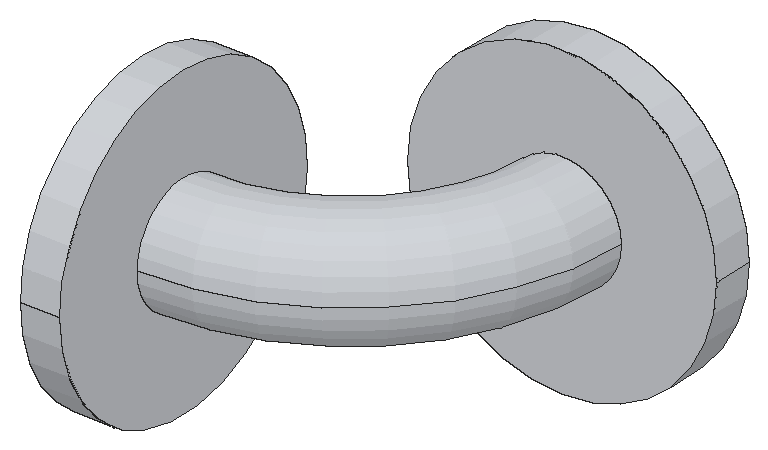
Revit family "M_Cotovelo - Flange - GI - Classe 250", category Conexões de tubo, Revit 2019
Family settings
  Cota do conector redondo = Usar raio
  Tipo de parte = Cotovelo
  Número OmniClass = 23.60.30.11.14
  Título OmniClass = Pipework Fittings
  ID de item do Seek = Elbow - Flanged - GI - Class 250-0000-CAN-ENU
  Com base no plano de trabalho = Não
  Sempre na vertical = Sim
  Corte com vazios quando carregada = Não
  Compartilhado = Não
Parameters (values of type "Padrão")
  Espessura da parede [instance] = size_lookup(Nome da tabela de pesquisa, "WThk", 0.06 * Diâmetro nominal + 9.624 mm, Diâmetro nominal)  # 11.1 mm
  Método de perda = Coeficiente K da tabela
  Nome da tabela de pesquisa = "M_Elbow - Flanged - GI - Class 250"
  Comprimento 4 [instance] = Centro à face * sin(Ângulo)  # 102 mm
  Comprimento 3 [instance] = Centro à face + Centro à face * cos(Ângulo)  # 102 mm
  Tamanho da marca de revisão [instance] = Diâmetro da flange * 0.4  # 49.6 mm
  Espessura da face elevada [instance] = 1.587 mm  # constant formula
  Raio da face elevada [instance] = Diâmetro da face elevada / 2  # 34 mm
  Diâmetro da face elevada [instance] = size_lookup(Nome da tabela de pesquisa, "RFD", 1.2 * Diâmetro nominal + 50.899 mm, Diâmetro nominal)  # 68 mm
  Comprimento 2 [instance] = Espessura do flange - Espessura da face elevada  # 15.912 mm
  Tabela de coeficiente K = "Cotovelo regular flangeado 90 e 180"
  Raio externo da conexão [instance] = Diâmetro externo da conexão / 2  # 23.6 mm
  Diâmetro externo da conexão [instance] = Diâmetro interno da conexão + Espessura da parede * 2  # 47.2 mm
  Comprimento 1 [instance] = (Raio externo da conexão + 0.794 mm) * tan(Ângulo / 2) + Espessura do flange  # 41.894 mm
  Raio nominal [instance] = 12.5 mm
  Diâmetro nominal [instance] = Raio nominal * 2  # 25 mm
  Diâmetro interno da conexão [instance] = size_lookup(Nome da tabela de pesquisa, "FID", 0.97 * Diâmetro nominal + 2.58 mm, Diâmetro nominal)  # 25 mm
  Centro à face 1 [instance] = size_lookup(Nome da tabela de pesquisa, "CtF1", 0.82 * Diâmetro nominal + 88.702 mm, Diâmetro nominal)  # 102 mm
  Centro à face 2 [instance] = size_lookup(Nome da tabela de pesquisa, "CtF2", 0.43 * Diâmetro nominal + 61.119 mm, Diâmetro nominal)  # 51 mm
  Centro à face [instance] = if(and(Ângulo > 0.00°, (not(Ângulo > 45.00°))), if(Centro à face 2 > Raio externo da conexão * tan(Ângulo / 2) + Espessura do flange, Centro à face 2, Comprimento 1), if(Centro à face 1 > Raio externo da conexão * tan(Ângulo / 2) + Espessura do flange, Centro à face 1, Comprimento 1))  # 102 mm
  Raio do centro [instance] = (Centro à face - Espessura do flange) / tan(Ângulo / 2)  # 84.5 mm
  Espessura do flange [instance] = size_lookup(Nome da tabela de pesquisa, "FThk", 0.08 * Diâmetro nominal + 21.53 mm, Diâmetro nominal)  # 17.5 mm
  Raio da flange [instance] = Diâmetro da flange / 2  # 62 mm
  Diâmetro da flange [instance] = size_lookup(Nome da tabela de pesquisa, "FDia", 1.34 * Diâmetro nominal + 106.362 mm, Diâmetro nominal)  # 124 mm
  Assembly Code = ""
  Ângulo [instance] = 90.00°
Reference planes
  plane 1 "Centro (Frente/Trás)": y = 0
  plane 2: z = 0
  plane 3 "Centro (Esquerda/Direita)": x = 0
  plane 4: x = -84.5
  plane 5: x = -102
  plane 6: y = 84.5
  plane 7: y = 49.6
  plane 8: y = -49.6
  plane 9: x = -84.5
  plane 10: x = -100.412
  plane 11: y = 102
  plane 12: x = 0
Forms (mm)
  Sweep 1, solid, detail levels fine
    path in 3D
      loop
        arc (-84.5, 0, 0) -> (-24.749, 24.749, 0) -> (0, 84.5, 0) r 84.5
    profile origin (-24.749, 24.749, 0) x (-0.707107, 0.707107, 0) y (0, 0, 1)
      loop
        circle (0, 0) r 23.6
  Sweep 2, solid, detail levels fine
    path in 3D
      loop
        line (-100.412, 0, 0) -> (-84.5, 0, 0)
    profile origin (-92.456, 0, 0) x (0, 1, 0) y (0, 0, 1)
      loop
        circle (0, 0) r 62
  Sweep 3, solid, detail levels fine
    path in 3D
      loop
        line (0, 84.5, 0) -> (0, 100.412, 0)
    profile origin (0, 92.456, 0) x (-1, 0, 0) y (0, 0, 1)
      loop
        circle (0, 0) r 62
  Sweep 4, solid, detail levels fine
    path in 3D
      loop
        line (-102, 0, 0) -> (-100.412, 0, 0)
    profile origin (-101.206, 0, 0) x (0, 1, 0) y (0, 0, 1)
      loop
        circle (0, 0) r 34
  Sweep 5, solid, detail levels fine
    path in 3D
      loop
        line (0, 102, 0) -> (0, 100.412, 0)
    profile origin (0, 101.206, 0) x (1, 0, 0) y (0, 0, 1)
      loop
        circle (0, 0) r 34
Cuts and joins
  joined: Sweep 1, Sweep 2, Sweep 3, Sweep 4, Sweep 5
Lines and regions (mm)
  model lines, detail levels coarse+medium
    curve 1: line (-100.412, 0, 0) -> (-84.5, 0, 0)
    curve 2: arc (-84.5, 0, 0) -> (-24.749, 24.749, 0) -> (0, 84.5, 0) r 84.5
    curve 3: line (0, 84.5, 0) -> (0, 100.412, 0)
    curve 8: line (-102, 0, 0) -> (-102, 49.6, 0)
    curve 9: line (-102, 0, 0) -> (-102, -49.6, 0)
    curve 10: line (-102, 0, 0) -> (-100.412, 0, 0)
    curve 13: line (0, 102, 0) -> (-49.6, 102, 0)
    curve 14: line (0, 102, 0) -> (49.6, 102, 0)
    curve 15: line (0, 102, 0) -> (0, 100.412, 0)
  sketch lines
    curve 4: arc (-84.5, 0, 0) -> (-24.749, 24.749, 0) -> (0, 84.5, 0) r 84.5
    curve 5: line (-100.412, 0, 0) -> (-84.5, 0, 0)
    curve 6: line (0, 84.5, 0) -> (0, 100.412, 0)
    curve 11: line (-102, 0, 0) -> (-100.412, 0, 0)
    curve 16: line (0, 102, 0) -> (0, 100.412, 0)
  reference lines
    curve 7: line (-102, 0, 0) -> (-84.5, 0, 0)
    curve 12: line (0, 102, 0) -> (0, 84.5, 0)
Dimensions and locks
  "Raio do centro": plane 6 to plane 1 "Centro (Frente/Trás)"
  "Espessura do flange": plane 5 to plane 4
  "Tamanho da marca de revisão": plane 7 to plane 1 "Centro (Frente/Trás)"
  "Tamanho da marca de revisão": plane 8 to plane 1 "Centro (Frente/Trás)"
  "Comprimento 2": curve 3 to curve 3
  locked: plane 5 to plane 9 at 17.5
  "Centro à face": plane 5 to plane 3 "Centro (Esquerda/Direita)"
  "Espessura da face elevada": plane 5 to plane 10
  "Comprimento 4": plane 11 to plane 1 "Centro (Frente/Trás)"
  "Comprimento 3": plane 5 to plane 12
  locked: curve 12 to curve 12 at 17.5
  "Tamanho da marca de revisão": curve 13 to curve 13
  "Tamanho da marca de revisão": curve 14 to curve 14
  "Espessura da face elevada": curve 15 to curve 15
  "Raio do centro": radius of curve 2
  "Raio externo da conexão": radius of Sweep 1 sketch curve
  "Raio da flange": radius of Sweep 2 sketch curve
  "Raio da flange": radius of Sweep 3 sketch curve
  "Raio da face elevada": radius of Sweep 4 sketch curve
  "Raio da face elevada": radius of Sweep 5 sketch curve
  "Ângulo": angle curve 2 to curve 2
  "Ângulo": angle plane 1 "Centro (Frente/Trás)" to curve 3
  "Ângulo": angle plane 1 "Centro (Frente/Trás)" to curve 12
  "Ângulo": angle plane 3 "Centro (Esquerda/Direita)" to curve 13
  "Ângulo": angle plane 3 "Centro (Esquerda/Direita)" to curve 14
  "Ângulo": angle plane 1 "Centro (Frente/Trás)" to curve 15
  aligned and locked: plane 4 to curve 2
  aligned and locked: plane 5 to curve 7
  aligned and locked: plane 9 to curve 7
  aligned and locked: plane 1 "Centro (Frente/Trás)" to curve 7
  aligned and locked: plane 7 to curve 8
  aligned and locked: plane 1 "Centro (Frente/Trás)" to curve 9
  aligned and locked: plane 8 to curve 9
  aligned and locked: plane 10 to curve 1
  aligned and locked: plane 5 to curve 10
  aligned and locked: plane 12 to curve 12
  aligned and locked: plane 11 to curve 12
  aligned and locked: plane 11 to curve 15
Automatic sketch dimensions
  Sweep 1 sketch curve to profile plane = 0 mm  (x2)
  Sweep 2 sketch curve to profile plane = 0 mm  (x2)
  Sweep 3 sketch curve to profile plane = 0 mm  (x2)
  Sweep 4 sketch curve to profile plane = 0 mm  (x2)
  Sweep 5 sketch curve to profile plane = 0 mm  (x2)
Connectors
  piping at (-102, 0, 0), diameter 25, driven by "Raio nominal", driven by "Ângulo"
    settings: on cut or joined group of Sweep 1, Sweep 2, Sweep 3, Sweep 4, Sweep 5, index 1, connector inside diameter 25 mm, connector length 0 mm, flow factor 0, pipe flow 0.0 L/s, pressure drop 0.0 Pa, fitting loss kfactor 0, connector angle 90.00°, fixture units 0, engagement length 0 mm, angle of deflection 0.00°, flow configuration 0, flow direction 0, fitting loss method 0, system type 28, joint type 0, gender type 0, connector reference index 2, connector utility 0, adjustable connector no, is connector primary yes, connector description ""
  piping at (0, 102, 0), diameter 25, driven by "Raio nominal", driven by "Ângulo"
    settings: on cut or joined group of Sweep 1, Sweep 2, Sweep 3, Sweep 4, Sweep 5, index 2, connector inside diameter 25 mm, connector length 0 mm, flow factor 0, pipe flow 0.0 L/s, pressure drop 0.0 Pa, fitting loss kfactor 0, connector angle 90.00°, fixture units 0, engagement length 0 mm, angle of deflection 0.00°, flow configuration 0, flow direction 0, fitting loss method 0, system type 28, joint type 0, gender type 0, connector reference index 1, connector utility 0, adjustable connector no, is connector primary no, connector description ""
